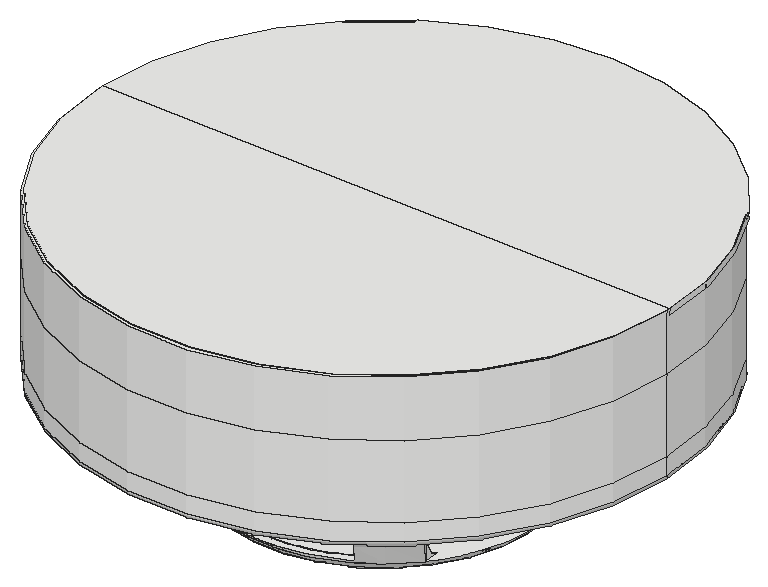
Revit family "Detector Térmico TDV-TDF ILUMAC", category Dispositivos de alarme de incêndio, Revit 2022
Family settings
  Cota do conector redondo = Utilizar diâmetro
  Tipo de parte = Normal
  Número OmniClass = 23.75.00.00
  Título OmniClass = Climate Control (HVAC)
  Com base no plano de trabalho = Não
  Sempre na vertical = Sim
  Corte com vazios quando carregada = Não
  Manter orientação da anotação = Não
  Compartilhado = Não
  Ponto de cálculo do ambiente = Não
Parameters (values of type "TDF-D / Classe B")
  Umidade relativa = "0 à 85% (sem condensação)"
  Tipo de detecção = "TDF = Fixa"
  Termovelocimetria de acionamento = "N/A"
  Tensão nominal = "24VCC"
  Tensão de operação = "20 à 30VCC"
  Tempo de resposta = "Até 300ms"
  Tempo de inicialização = "Até 15s"
  Temperatura estática de reposta = "69ºC à 85ºC"
  Temperatura de operação = "-5ºC à +65ºC"
  Temperatura de acionamento fixa = "72ºC"
  Sensibilidade = "10mV / ºC"
  Protocolo de comunicação = "ALF-1000-2 (proprietário)"
  Peso = "145g"
  PLASTICO ABS = ABS BRANCO
  Níveis de acionamento = ""
  Normas técnicas aplicáveis = "NBR 17240 | ISO 7240-5"
  Modelo - Classe = "TDV-D / Classe A2"
  Modelo = "TDF-D / Classe B"
  Material da caixa = "Caixa plástica ABS na cor branco"
  Grau de proteção = "IP20 (uso interno)"
  Fixação = "Base de sobrepor com terminais para a conexão dos cabos"
  Fabricante = "ILUMAC"
  Esc. Símbolo - 1/50-75 [instance] = yes
  Esc. Símbolo - 1/100-200 [instance] = yes
  Endereços programáveis = "001 a 125 (por laço)"
  Elevação padrão = 0 mm
  Dimensões (AxLxP) = "98mm de diâmetro e 45mm de profundidade (com a base)"
  Descrição = "Detector Térmico Endereçável Sirius TDF-D/ Classe B"
  Código do produto = "0040025"
  Consumo = "o 800uA em supervisão | 1,7mA em alarme"
  Classe de aplicação = "Classe A2"
  Altura máxima e Área de cobertura = "Até 5 metros de altura* e área de 36m2"
Types (17, lengths in mm): name | Tipo de detecção | Termovelocimetria de acionamento | Tensão de operação | Tempo de resposta | Temperatura estática de reposta | Temperatura de operação | Temperatura de acionamento fixa | Protocolo de comunicação | Níveis de acionamento | Modelo - Classe | Modelo | Endereços programáveis | Dimensões (AxLxP) | Descrição | Código do produto | Consumo
  TDV-C / Classe A2 | "TDV = Fixa e Termovelocimétrica TDF = Fixa" | ">8ºC/min" | "20 à 28VCC" | "Até 300ms" | "54ºC à 70ºC" | "5ºC à +50ºC" | "57ºC" | "" | "" | "TDV-C" | "TDV-C / Classe A2" | "" | ") 98mm de diâmetro e 45mm de profundidade (com a base)" | "Detector Térmico Convencional TDV-C / Classe A2" | "0010018" | "110uA em supervisão | 30mA em alarme"
  TDV-C / Classe B | "TDV = Fixa e Termovelocimétrica TDF = Fixa" | ">10ºC/min" | "20 à 28VCC" | "Até 300ms" | "69ºC à 85ºC" | "-5ºC à +65ºC" | "72ºC" | "" | "" | "TDV-C-B" | "TDV-C / Classe B" | "" | ") 98mm de diâmetro e 45mm de profundidade (com a base)" | "Detector Térmico Convencional TDV-C / Classe B" | "0010019" | "110uA em supervisão | 30mA em alarme"
  TDF-C / Classe A2 | "TDV = Fixa e Termovelocimétrica TDF = Fixa" | "N/A" | "20 à 28VCC" | "Até 300ms" | "54ºC à 70ºC" | "-5ºC à +50ºC" | "57ºC" | "" | "" | "TDF-C / Classe A2" | "TDF-C / Classe A2" | "" | ") 98mm de diâmetro e 45mm de profundidade (com a base)" | "Detector Térmico Convencional TDF-C / Classe A2" | "0010015" | "110uA em supervisão | 30mA em alarme"
  TDF-C / Classe B | "TDV = Fixa e Termovelocimétrica TDF = Fixa" | "N/A" | "20 à 28VCC" | "Até 300ms" | "54ºC à 70ºC" | "-5ºC à +65ºC" | "72ºC" | "" | "" | "TDF-C / Classe A2" | "TDF-C / Classe B" | "" | ") 98mm de diâmetro e 45mm de profundidade (com a base)" | "Detector Térmico Convencional TDF-C / Classe B" | "0010016" | "110uA em supervisão | 30mA em alarme"
  TDV-E / Classe A2 | "TDV = Fixa e Termovelocimétrica" | ">8ºC/min" | "22 à 28VCC" | "Até 300ms" | "54ºC à 70ºC" | "-5ºC à +50ºC" | "57ºC" | "ALF-500 (proprietário)" | "" | "TDV-E / Classe A2" | "TDV-E/ Classe A2" | "001 a 500" | "98mm de diâmetro e 45mm de profundidade (com a base)" | "Detector Térmico Endereçável TDV-E/ Classe A2" | "0020030" | "340uA em supervisão | 1,3mA em alarme"
  TDV-E / Classe B | "TDF = Fixa" | "N/A" | "22 à 28VCC" | "Até 300ms" | "54ºC à 70ºC" | "-5ºC à +50ºC" | "57ºC" | "ALF-500 (proprietário)" | "" | "TDV-E / Classe B" | "TDV-E/ Classe B" | "001 a 500" | "98mm de diâmetro e 45mm de profundidade (com a base)" | "Detector Térmico Endereçável TDV-E/ Classe B" | "0020031" | "340uA em supervisão | 1,3mA em alarme"
  TDF-E / Classe A2 | "TDV = Fixa e Termovelocimétrica" | ">10ºC/min" | "22 à 28VCC" | "Até 300ms" | "69ºC à 85ºC" | "-5ºC à +65ºC" | "72ºC" | "ALF-500 (proprietário)" | "" | "TDF-E / Classe A2" | "TDF-E/ Classe A2" | "001 a 500" | "98mm de diâmetro e 45mm de profundidade (com a base)" | "Detector Térmico Endereçável TDF-E/ Classe A2" | "0020034" | "340uA em supervisão | 1,3mA em alarme"
  TDF-E / Classe B | "TDF = Fixa" | "N/A" | "22 à 28VCC" | "Até 300ms" | "69ºC à 85ºC" | "-5ºC à +65ºC" | "72ºC" | "ALF-500 (proprietário)" | "" | "TDF-E / Classe B" | "TDF-E / Classe B" | "001 a 500" | "98mm de diâmetro e 45mm de profundidade (com a base)" | "Detector Térmico Endereçável TDF-E/ Classe B" | "0020035" | "340uA em supervisão | 1,3mA em alarme"
  TDV-D / Classe A2 | "TDV = Fixa e Termovelocimétrica" | ">8ºC/min" | "20 à 30VCC" | "Até 300ms" | "54ºC à 70ºC" | "-5ºC à +50ºC" | "57ºC" | "ALF-1000-2 (proprietário)" | "" | "TDV-D / Classe A2" | "TDV-D/ Classe A2" | "001 a 125 (por laço)" | "98mm de diâmetro e 45mm de profundidade (com a base)" | "Detector Térmico Endereçável Sirius TDV-D/ Classe A2" | "0040022" | "o 800uA em supervisão | 1,7mA em alarme"
  TDV-D / Classe B | "TDV = Fixa e Termovelocimétrica" | ">10ºC/min" | "20 à 30VCC" | "Até 300ms" | "69ºC à 85ºC" | "-5ºC à +65ºC" | "72ºC" | "ALF-1000-2 (proprietário)" | "" | "TDV-D / Classe B" | "TDV-D / Classe B" | "001 a 125 (por laço)" | "98mm de diâmetro e 45mm de profundidade (com a base)" | "Detector Térmico Endereçável Sirius TDV-D/ Classe B" | "0040023" | "o 800uA em supervisão | 1,7mA em alarme"
  TDF-D / Classe A2 | "TDF = Fixa" | "N/A" | "20 à 30VCC" | "Até 300ms" | "54ºC à 70ºC" | "-5ºC à +50ºC" | "57ºC" | "ALF-1000-2 (proprietário)" | "" | "TDV-D / Classe A2" | "TDF-D/ Classe A2" | "001 a 125 (por laço)" | "98mm de diâmetro e 45mm de profundidade (com a base)" | "Detector Térmico Endereçável Sirius TDF-D/ Classe A2" | "0040024" | "o 800uA em supervisão | 1,7mA em alarme"
  TDF-D / Classe B | "TDF = Fixa" | "N/A" | "20 à 30VCC" | "Até 300ms" | "69ºC à 85ºC" | "-5ºC à +65ºC" | "72ºC" | "ALF-1000-2 (proprietário)" | "" | "TDV-D / Classe A2" | "TDF-D / Classe B" | "001 a 125 (por laço)" | "98mm de diâmetro e 45mm de profundidade (com a base)" | "Detector Térmico Endereçável Sirius TDF-D/ Classe B" | "0040025" | "o 800uA em supervisão | 1,7mA em alarme"
  TDF-A | "Fixa" | "N/A" | "24VCC / 20 à 30VCC" | "Até 300 milissegundos" | "54ºC à 85ºC" | "-5ºC à +65ºC" | "Temperatura de acionamento no nível Sensibilidade Baixo: 69ºC\r\nTemperatura de acionamento no nível Sensibilidade Padrão: 57ºC\r\nTemperatura de acionamento no nível Sensibilidade Alto: 54ºC" | "ALF-1000-2 (proprietário)" | "3 níveis: Baixo | Padrão | Alto\r\nAjustados pelo menu da central" | "TDV-D / Classe A2" | "TDF-A" | "001 a 125 (por laço)" | "98mm de diâmetro e 45mm de profundidade (com a base)" | "Detector Térmico Analógico Sirius TDF-A" | "0040051" | "800uA em supervisão\r\n1,7mA em alarme"
  TDV-G / Classe A2 | "TDV = Fixa e Termovelocimét" | ">8ºC/min" | "20 à 30VCC" | "Até 300 milissegundos" | "54ºC à 70ºC" | "-5ºC à +50ºC" | "57ºC\r\nTemperatura de acionamento no nível Sensibilidade Padrão: 57ºC\r\nTemperatura de acionamento no nível Sensibilidade Alto: 54ºC" | "CYGNUS (proprietário)" | "3 níveis: Baixo | Padrão | Alto\r\nAjustados pelo menu da central" | "TDV-D / Classe A2" | "TDV-G / Classe A2" | "001 a 125 (por laço)" | "98mm de diâmetro e 45mm de profundidade (com a base)" | "Detector Térmico Endereçável Cygnus TDV-G / Classe A2" | "007040" | "900uA em supervisão | 2mA em alarme"
  TDV-G / Classe B | "TDF = Fixa" | "N/A" | "20 à 30VCC" | "Até 300 milissegundos" | "54ºC à 70ºC" | "-5ºC à +50ºC" | "57ºC\r\nTemperatura de acionamento no nível Sensibilidade Padrão: 57ºC\r\nTemperatura de acionamento no nível Sensibilidade Alto: 54ºC" | "CYGNUS (proprietário)" | "3 níveis: Baixo | Padrão | Alto\r\nAjustados pelo menu da central" | "TDV-D / Classe A2" | "TDV-G / Classe B" | "001 a 125 (por laço)" | "98mm de diâmetro e 45mm de profundidade (com a base)" | "Detector Térmico Endereçável Cygnus TDV-G / Classe B" | "007041" | "900uA em supervisão | 2mA em alarme"
  TDF-G / Classe A2 | "TDV = Fixa e Termovelocimétrica" | ">10ºC/min" | "20 à 30VCC" | "Até 300 milissegundos" | "69ºC à 85ºC" | "-5ºC à +65ºC" | "72ºC" | "CYGNUS (proprietário)" | "3 níveis: Baixo | Padrão | Alto\r\nAjustados pelo menu da central" | "TDV-D / Classe A2" | "TDF-G / Classe A2" | "001 a 125 (por laço)" | "98mm de diâmetro e 45mm de profundidade (com a base)" | "Detector Térmico Endereçável Cygnus TDF-G / Classe A2" | "007042" | "900uA em supervisão | 2mA em alarme"
  TDF-G / Classe B | "TDF = Fixa" | "N/A" | "20 à 30VCC" | "Até 300 milissegundos" | "69ºC à 85ºC" | "-5ºC à +65ºC" | "72ºC" | "CYGNUS (proprietário)" | "3 níveis: Baixo | Padrão | Alto\r\nAjustados pelo menu da central" | "TDV-D / Classe A2" | "TDF-G / Classe B" | "001 a 125 (por laço)" | "98mm de diâmetro e 45mm de profundidade (com a base)" | "Detector Térmico Endereçável Cygnus TDF-G / Classe B" | "007043" | "900uA em supervisão | 2mA em alarme"
Reference planes
  plane 1 "Centro (Frente/Trás)": y = 0
  plane 2: z = 0
  plane 3 "Centro (Esquerda/Direita)": x = 0
Forms (mm)
  Revolve 1, solid, material "ABS BRANCO", detail levels fine
    sketch origin (-0.022, 0, 0) x (1, 0, 0) y (0, 0, -1)
      loop
        line (49.973, 0) -> (49.973, 1) -> (0, 1) -> (0, 0) -> (49.973, 0)
      axis (0, 0) -> (0, 1)
    angle from 0 to 360
  Extrusion 2, solid, material "ABS BRANCO", detail levels fine
    sketch origin (0, -0.677, -14.019) x (0, -1, 0) y (-1, 0, 0)
      loop
        circle (0, 0) r 45.799
    from 0 to 12
  Revolve 3, solid, material "ABS BRANCO" <- "PLASTICO ABS", detail levels fine
    sketch origin (-1706.237, -0.677, -6276.285) x (1, 0, 0) y (0, 0, -1)
      loop
        line (1706.237, -6232.285) -> (1706.237, -6233.883) -> (1731.071, -6233.883)
        arc (1731.071, -6233.883) -> (1731.562, -6234.012) -> (1731.927, -6234.366) r 1
        spline (1731.927, -6234.366) -> (1732.339, -6235.445) -> (1732.791, -6236.517) -> (1733.281, -6237.582) -> (1733.811, -6238.638) -> (1734.38, -6239.688) -> (1734.988, -6240.729) -> (1735.635, -6241.763) -> (1736.322, -6242.789) -> (1737.047, -6243.808) -> (1737.812, -6244.819) -> (1738.615, -6245.822) -> (1739.458, -6246.818)
        arc (1739.458, -6246.818) -> (1745.471, -6249.782) -> (1752.036, -6251.138) r 26.441
        line (1752.036, -6251.138) -> (1752.036, -6262.266) -> (1706.237, -6262.266) -> (1706.237, -6276.285) -> (1756.237, -6276.285) -> (1756.237, -6266.285) -> (1756.237, -6253.285) -> (1756.237, -6250.266)
        arc (1756.237, -6250.266) -> (1755.957, -6249.573) -> (1755.274, -6249.267) r 1
        arc (1755.274, -6249.267) -> (1745.478, -6246.898) -> (1737.37, -6240.912) r 25.441
        spline (1737.37, -6240.912) -> (1736.892, -6240.345) -> (1736.437, -6239.774) -> (1736.005, -6239.2) -> (1735.596, -6238.623) -> (1735.21, -6238.042) -> (1734.846, -6237.458) -> (1734.505, -6236.871) -> (1734.187, -6236.28) -> (1733.891, -6235.686) -> (1733.617, -6235.089) -> (1733.366, -6234.488) -> (1733.136, -6233.883)
        line (1733.136, -6233.883) -> (1731.831, -6232.578)
        arc (1731.831, -6232.578) -> (1731.507, -6232.361) -> (1731.124, -6232.285) r 1
        line (1731.124, -6232.285) -> (1706.237, -6232.285)
      axis (1706.237, -6276.285) -> (1706.237, -6232.285)
    angle from 0 to 360
  Extrusion 4, void
    sketch origin (-1.237, -0.677, -30) x (0, 1, 0) y (-1, 0, 0)
      loop
        circle (0, -36.791) r 2.5
      loop
        circle (0, 36.476) r 2.5
    from 2.62 to -10
  Extrusion 5, solid, material "ABS BRANCO" <- "PLASTICO ABS", detail levels fine
    sketch origin (0, -0.677, -42.402) x (0, -1, 0) y (1, 0, 0)
      loop
        spline (16.567, -12.058) -> (16.713, -10.051) -> (16.832, -8.044) -> (16.923, -6.037) -> (16.986, -4.03) -> (17.02, -2.023) -> (17.027, -0.015) -> (17.006, 1.992) -> (16.956, 3.999) -> (16.879, 6.006) -> (16.773, 8.013) -> (16.64, 10.02) -> (16.478, 12.027)
        spline (16.478, 12.027) -> (12.653, 13.076) -> (9.018, 13.688) -> (5.566, 13.881) -> (2.294, 13.676) -> (-0.806, 13.091) -> (-3.737, 12.147) -> (-6.506, 10.861) -> (-9.118, 9.254) -> (-11.577, 7.346) -> (-13.891, 5.154) -> (-16.063, 2.699) -> (-18.1, 0)
        spline (-18.1, 0) -> (-16.058, -2.706) -> (-13.88, -5.167) -> (-11.561, -7.364) -> (-9.095, -9.278) -> (-6.476, -10.889) -> (-3.7, -12.178) -> (-0.761, -13.125) -> (2.346, -13.711) -> (5.627, -13.917) -> (9.087, -13.723) -> (12.732, -13.11) -> (16.567, -12.058)
      loop
        circle (10.47, 1.145) r 4.161
      loop
        circle (10.391, 1.145) r 3.561
      loop
        spline (15.065, -10.27) -> (15.194, -8.508) -> (15.298, -6.747) -> (15.378, -4.985) -> (15.433, -3.224) -> (15.463, -1.462) -> (15.469, 0.299) -> (15.45, 2.061) -> (15.407, 3.822) -> (15.339, 5.584) -> (15.246, 7.345) -> (15.129, 9.107) -> (14.987, 10.868)
        spline (14.987, 10.868) -> (11.636, 11.709) -> (8.464, 12.18) -> (5.464, 12.302) -> (2.627, 12.096) -> (-0.057, 11.579) -> (-2.598, 10.765) -> (-5.006, 9.666) -> (-7.291, 8.294) -> (-9.462, 6.661) -> (-11.524, 4.779) -> (-13.479, 2.662) -> (-15.328, 0.322)
        spline (-15.328, 0.322) -> (-13.506, -2.09) -> (-11.575, -4.272) -> (-9.53, -6.209) -> (-7.371, -7.887) -> (-5.093, -9.292) -> (-2.687, -10.411) -> (-0.141, -11.23) -> (2.556, -11.737) -> (5.415, -11.915) -> (8.447, -11.745) -> (11.66, -11.204) -> (15.065, -10.27)
      loop
        spline (13.245, 10.615) -> (10.214, 11.319) -> (7.361, 11.692) -> (4.677, 11.754) -> (2.151, 11.526) -> (-0.229, 11.025) -> (-2.474, 10.263) -> (-4.597, 9.248) -> (-6.612, 7.988) -> (-8.527, 6.494) -> (-10.348, 4.773) -> (-12.073, 2.838) -> (-13.705, 0.697)
        spline (-13.705, 0.697) -> (-13.315, 0.051) -> (-12.912, -0.56) -> (-12.498, -1.132) -> (-12.072, -1.664) -> (-11.636, -2.156) -> (-11.189, -2.605) -> (-10.732, -3.009) -> (-10.266, -3.368) -> (-9.791, -3.68) -> (-9.307, -3.943) -> (-8.816, -4.156) -> (-8.318, -4.316)
        spline (-8.318, -4.316) -> (-6.294, -4.676) -> (-4.526, -4.678) -> (-2.962, -4.446) -> (-1.553, -4.106) -> (-0.248, -3.781) -> (0.965, -3.546) -> (2.04, -3.392) -> (2.922, -3.3) -> (3.572, -3.258) -> (4.127, -3.321) -> (4.843, -3.591) -> (5.851, -4.316)
        line (5.851, -4.316) -> (5.851, 6.241) -> (13.922, 8.403) -> (13.245, 10.615)
      loop
        line (4.845, -2.221) -> (4.845, 5.316)
        arc (4.845, 5.316) -> (4.488, 6.082) -> (3.671, 6.301) r 1
        line (3.671, 6.301) -> (-4.812, 4.796)
        arc (-4.812, 4.796) -> (-5.602, 4.766) -> (-6.371, 4.952) r 2.889
        arc (-6.371, 4.952) -> (-7.41, 5.31) -> (-8.061, 4.424) r 0.928
        line (-8.061, 4.424) -> (-8.059, -2.488)
        spline (-8.059, -2.488) -> (-7.998, -2.629) -> (-7.93, -2.757) -> (-7.856, -2.873) -> (-7.776, -2.977) -> (-7.69, -3.068) -> (-7.598, -3.146) -> (-7.499, -3.211) -> (-7.395, -3.264) -> (-7.284, -3.305) -> (-7.167, -3.333) -> (-7.044, -3.348) -> (-6.914, -3.35)
        spline (-6.914, -3.35) -> (-5.391, -3.544) -> (-4.202, -3.577) -> (-3.254, -3.494) -> (-2.449, -3.339) -> (-1.707, -3.15) -> (-0.981, -2.94) -> (-0.232, -2.72) -> (0.58, -2.5) -> (1.489, -2.295) -> (2.504, -2.146) -> (3.623, -2.105) -> (4.845, -2.221)
    from -2.11 to 0
  Extrusion 6, void
    sketch origin (0, 0, 0) x (1, 0, 0) y (0, 1, 0)
      loop
        line (28.959, 31.465) -> (18.051, 17.602) -> (20.791, -17.39) -> (30.779, -30.352)
        arc (30.779, -30.352) -> (43.037, 0.944) -> (28.959, 31.465) r 42.877
    from -42.402 to -35.373
  Extrusion 7, void
    sketch origin (0, 0, 0) x (1, 0, 0) y (0, 1, 0)
      loop
        line (22.82, -35.861) -> (12.292, -22.386)
        arc (12.292, -22.386) -> (-9.627, -22.267) -> (-22.627, -4.618) r 24.428
        line (-22.627, -4.618) -> (-38.423, -4.618)
        arc (-38.423, -4.618) -> (-14.577, -33.522) -> (22.82, -35.861) r 47.081
    from -41.919 to -35.373
  Extrusion 8, void
    sketch origin (0, 0, 0) x (1, 0, 0) y (0, 1, 0)
      loop
        line (-38.437, 4.971) -> (-22.423, 4.971)
        arc (-22.423, 4.971) -> (-10.412, 21.022) -> (9.562, 22.743) r 24.514
        line (9.562, 22.743) -> (21.15, 37.575)
        arc (21.15, 37.575) -> (-16.123, 34.942) -> (-38.437, 4.971) r 44.803
    from -41.919 to -35.373
Cuts and joins
  Extrusion 4, Extrusion 6, Extrusion 7, Extrusion 8 cuts Revolve 3
  Extrusion 6, Extrusion 7, Extrusion 8 cuts Revolve 1
Lines and regions (mm)
  model lines, style "INCÊNDIO", detail levels coarse+medium
    curve 1: line (-50, 49.541, 0) -> (50, 49.541, 0)
    curve 2: line (-50, -50.459, 0) -> (-50, 49.541, 0)
    curve 3: line (50, -50.459, 0) -> (-50, -50.459, 0)
    curve 4: line (50, 49.541, 0) -> (50, -50.459, 0)
    curve 5: line (0, 39.541, 0) -> (0, -12.14, 0)
    curve 6: circle (0, -27.14, 0) r 15 normal (0, 0, 1)
  model lines, style "INCÊNDIO", not visible, detail levels coarse+medium
    curve 7: line (252.966, 49.541, 0) -> (352.966, 49.541, 0)
    curve 8: line (252.966, -50.459, 0) -> (252.966, 49.541, 0)
    curve 9: line (352.966, -50.459, 0) -> (252.966, -50.459, 0)
    curve 10: line (352.966, 49.541, 0) -> (352.966, -50.459, 0)
    curve 11: line (302.966, 39.541, 0) -> (302.966, -12.14, 0)
    curve 12: circle (302.966, -27.14, 0) r 15 normal (0, 0, 1)
Dimensions and locks
  aligned and locked: level to plane 2
Nested families
  nested 1: "Anotação Detector térmico pontual 1-50" at (0, 0, 0), visible <- "Esc. Símbolo - 1/50-75", type "Anotação Detector térmico pontual 1-50", detail levels coarse+medium
    with Esc. Símbolo - 1/50~75 yes
  nested 2: "Anotação Detector térmico pontual 1-100" at (0, 0, 0), visible <- "Esc. Símbolo - 1/100-200", type "Anotação Detector térmico pontual 1-100", detail levels coarse+medium
    with Esc. Símbolo - 1/100~200 yes
Definition of nested family "Anotação Detector térmico pontual 1-50"
  Parameters (values of type "Anotação Detector térmico pontual 1-50")
    Esc. Símbolo - 1/50~75 [instance] = yes
  Reference planes
    plane 1: y = 0
    plane 2: x = 0
  Lines and regions (mm)
    Filled region 1, type "incêndio"
      outline origin (0, 0, 0) x (1, 0, 0) y (0, 1, 0)
        loop
          circle (0, -2.07) r 0.988
    Masking region 1
      outline origin (0, 0, 0) x (1, 0, 0) y (0, 1, 0)
        loop
          line (-4, -4) -> (4, -4) -> (4, 4) -> (-4, 4) -> (-4, -4)
        loop
          circle (0, -2.07) r 0.988
    Filled region 2, type "incêndio", not visible
      outline origin (0, 0, 0) x (1, 0, 0) y (0, 1, 0)
        loop
          circle (0, -2.07) r 0.988
    Masking region 2, not visible
      outline origin (0, 0, 0) x (1, 0, 0) y (0, 1, 0)
        loop
          line (-4, -4) -> (4, -4) -> (4, 4) -> (-4, 4) -> (-4, -4)
        loop
          circle (0, -2.07) r 0.988
    detail lines
      curve 1: line (-4, 4, 0) -> (4, 4, 0)
      curve 2: line (-4, -4, 0) -> (-4, 4, 0)
      curve 3: line (4, -4, 0) -> (-4, -4, 0)
      curve 4: line (4, 4, 0) -> (4, -4, 0)
      curve 5: circle (0, -2.07, 0) r 0.988 normal (0, 0, 1)
      curve 6: line (0, -1.081, 0) -> (0, 2.752, 0)
    detail lines, not visible
      curve 7: line (-4, 0, 0) -> (4, 0, 0)
      curve 8: line (-4, 4, 0) -> (4, 4, 0)
      curve 9: line (-4, -4, 0) -> (-4, 4, 0)
      curve 10: line (4, -4, 0) -> (-4, -4, 0)
      curve 11: line (4, 4, 0) -> (4, -4, 0)
      curve 12: circle (0, -2.07, 0) r 0.988 normal (0, 0, 1)
      curve 13: line (0, -1.081, 0) -> (0, 2.752, 0)
      curve 14: line (-4, 0, 0) -> (4, 0, 0)
Definition of nested family "Anotação Detector térmico pontual 1-100"
  Parameters (values of type "Anotação Detector térmico pontual 1-100")
    Esc. Símbolo - 1/100~200 [instance] = yes
  Reference planes
    plane 1: y = 0
    plane 2: x = 0
  Lines and regions (mm)
    Filled region 1, type "incêndio", not visible
      outline origin (0, 0, 0) x (1, 0, 0) y (0, 1, 0)
        loop
          circle (0, -2.07) r 0.988
    Masking region 1, not visible
      outline origin (0, 0, 0) x (1, 0, 0) y (0, 1, 0)
        loop
          line (-4, -4) -> (4, -4) -> (4, 4) -> (-4, 4) -> (-4, -4)
        loop
          circle (0, -2.07) r 0.988
    Filled region 2, type "incêndio"
      outline origin (3.497, 2.22, 0) x (1, 0, 0) y (0, 1, 0)
        loop
          circle (-3.497, -3.255) r 0.494
    Masking region 2
      outline origin (0, 0, 0) x (1, 0, 0) y (0, 1, 0)
        loop
          line (-2, -2) -> (2, -2) -> (2, 2) -> (-2, 2) -> (-2, -2)
        loop
          circle (0, -1.041) r 0.5
    Filled region 3, type "incêndio", not visible
      outline origin (3.497, 2.22, 0) x (1, 0, 0) y (0, 1, 0)
        loop
          circle (-3.497, -3.255) r 0.494
    Masking region 3, not visible
      outline origin (0, 0, 0) x (1, 0, 0) y (0, 1, 0)
        loop
          line (-2, -2) -> (2, -2) -> (2, 2) -> (-2, 2) -> (-2, -2)
        loop
          circle (0, -1.041) r 0.5
    detail lines, not visible
      curve 1: line (-4, 4, 0) -> (4, 4, 0)
      curve 2: line (-4, -4, 0) -> (-4, 4, 0)
      curve 3: line (4, -4, 0) -> (-4, -4, 0)
      curve 4: line (4, 4, 0) -> (4, -4, 0)
      curve 5: circle (0, -2.07, 0) r 0.988 normal (0, 0, 1)
      curve 6: line (0, -1.081, 0) -> (0, 2.752, 0)
      curve 7: line (-4, 0, 0) -> (4, 0, 0)
      curve 14: line (-2, 0, 0) -> (2, 0, 0)
      curve 15: line (-2, 2, 0) -> (2, 2, 0)
      curve 16: line (-2, -2, 0) -> (-2, 2, 0)
      curve 17: line (2, -2, 0) -> (-2, -2, 0)
      curve 18: line (2, 2, 0) -> (2, -2, 0)
      curve 19: circle (0, -1.035, 0) r 0.494 normal (0, 0, 1)
      curve 20: line (0, -0.541, 0) -> (0, 1.376, 0)
      curve 21: line (-2, 0, 0) -> (2, 0, 0)
    detail lines
      curve 8: line (-2, 2, 0) -> (2, 2, 0)
      curve 9: line (-2, -2, 0) -> (-2, 2, 0)
      curve 10: line (2, -2, 0) -> (-2, -2, 0)
      curve 11: line (2, 2, 0) -> (2, -2, 0)
      curve 12: circle (0, -1.035, 0) r 0.494 normal (0, 0, 1)
      curve 13: line (0, -0.541, 0) -> (0, 1.376, 0)
